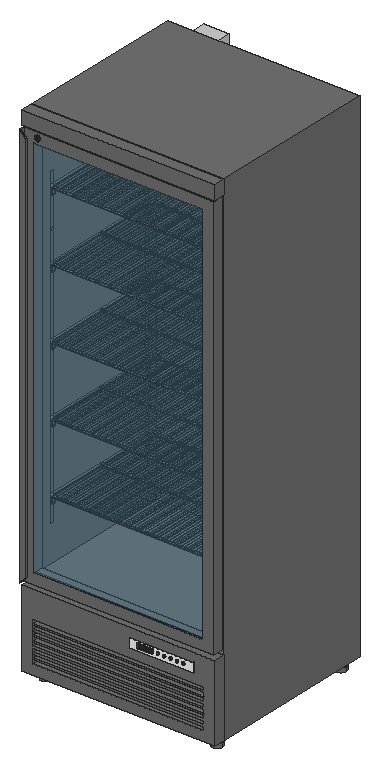
Revit family "QF_BLIZZARD_BMC1_250923014609", category Specialty Equipment, Revit 2021
Family settings
  Round Connector Dimension = Use Diameter
  Part Type = Normal
  OmniClass Number = 23.40.40.14
  OmniClass Title = Food Service Equipment
  Work Plane-Based = No
  Always vertical = Yes
  Cut with Voids When Loaded = No
  Shared = No
  Room Calculation Point = No
Parameters (values of type "BMC1")
  Weight [instance] = 141.00 kg
  Warranty Start Date [instance] = ""
  Warranty Duration [instance] = ""
  Volts [instance] = 230 V
  Volt Free Conn [instance] = no
  URL Recommended Spares List [instance] = ""
  URL Manufacturer [instance] = ""
  URL Cutsheet [instance] = ""
  URL Critical Spares List [instance] = ""
  URL = "www.blizzardequipment.com"
  Technical Documentation [instance] = ""
  Tag Number [instance] = ""
  Status [instance] = ""
  Start Up Current [instance] = 0 A
  Specification by User [instance] = ""
  Specification by Manufacturer [instance] = ""
  Sound Level [instance] = ""
  Show Logo [instance] = yes
  Show Clearances [instance] = yes
  Service Life Duration [instance] = ""
  Serial Number [instance] = ""
  Seismic Rating [instance] = ""
  SMACNA No [instance] = ""
  Revision Code [instance] = ""
  Revision [instance] = ""
  Production Year [instance] = ""
  Potential Equalisation [instance] = no
  Point Load [instance] = 0
  Phase [instance] = 1
  Other Equipment Approvals [instance] = ""
  Operational Current [instance] = 0 A
  Number of Poles [instance] = 2
  No Load Power Draw [instance] = no
  NAFEM Spec ID Number [instance] = ""
  Model Warning [instance] = ""
  Model = "BMC1"
  Min Ckt Ampacity [instance] = 0 A
  Max Overcurrent Protection [instance] = 13 A
  Masterspec [instance] = ""
  Manufacturer = "BLIZZARD"
  Main switch integrated [instance] = no
  Length Actual [instance] = 750 mm
  Item Number [instance] = ""
  Installed By [instance] = ""
  Installation Date [instance] = ""
  Identify Quantity as Lot [instance] = no
  ID [instance] = ""
  Hygiene Approval [instance] = ""
  Height Actual [instance] = 2003 mm
  HP power [instance] = ""
  Furnished By [instance] = ""
  Foodservice Equipment Identifier [instance] = no
  FL Amps [instance] = 0.93 A
  Electrical Remarks [instance] = ""
  Electric power [instance] = 220 W
  Electric Connection Type [instance] = ""
  Elec Conn RI Height [instance] = 0 mm
  Elec Conn Connection Height [instance] = 0 mm
  ETL Approved [instance] = no
  Description = "SINGLE HINGED GLASS DOOR DISPLAY CHILLER"
  Depth Actual [instance] = 710 mm
  Default Elevation = 0 mm
  Cycle [instance] = 50 Hz
  Cost = 1172
  Connection to energy optimisation system [instance] = yes
  Conn Plug [instance] = ""
  Conn Conduit [instance] = no
  Centralized building control system with digital interface [instance] = ""
  CSI MasterFormat [instance] = ""
  CE Approved [instance] = no
  Barcode [instance] = 0
  Author [instance] = ""
  Asset Identifier [instance] = ""
  Apparent Power [instance] = 220 VA
  Accessory [instance] = no
Reference planes
  plane 1 "Center (Front/Back)": y = 0
  plane 2: z = 0
  plane 3 "Center (Left/Right)": x = 0
Forms (mm)
  Extrusion 1, solid, not visible
    sketch origin (200.01, -2, 200.01) x (1, 0, 0) y (0, 1, 0)
      loop
        line (-2, 2) -> (-2, -2) -> (2, -2) -> (2, 2) -> (-2, 2)
    from -2 to 2
Dimensions and locks
  locked: Extrusion 1 to nested 2
  locked: nested 2 to Extrusion 1 at 2
  aligned and locked: level to plane 2
Nested families
  nested 1: "QF_BLIZZARD_BMC1_2920" at (0, 0, 0), type "BMC1"
    with Weight 141.00 kg, Warranty Start Date "", Warranty Duration "", URL Cutsheet "", Technical Documentation "", Tag Number "", Status "", Specification by User "", Specification by Manufacturer "", Sound Level "", Solid Fuel Type "", Show Logo yes, Show Clearances yes, Service Life Duration "", Serial Number "", Seismic Rating "", SMACNA No "", Revision Code "", Revision "", Production Year "", Point Load 0, Other Equipment Approvals "", NAFEM Spec ID Number "", Model Warning "", Masterspec "", Length Actual 750 mm, Item Number "", Installed By "", Installation Date "", Identify Quantity as Lot yes, ID "", Hygiene Approval "", Height Actual 2003 mm, Furnished By "", Foodservice Equipment Identifier yes, ETL Approved yes, Depth Actual 710 mm, CSI MasterFormat "", CE Approved yes, Barcode "", Asset Identifier "", Accessory no
  nested 2: "CONN_POINT_ELE_2D___Generic_Annotation" at (200.01, 0, 200.01), type "CONN_POINT_ELE_2D___Generic_Annotation"
    with Onboard connection annotation symbol visibility yes
Connectors
  electrical at (200.01, 0, 200.01), driven by "Apparent Power", driven by "Number of Poles", driven by "Volts"
    settings: on Extrusion 1, index 1, voltage 230 V, apparent load 0 VA, apparent load phase1 220 VA, apparent load phase2 0 VA, apparent load phase3 0 VA, power factor 1, load classification "Other", number of poles 2, system type 31, power factor state 1, is connector primary yes, connector utility no, sub classification motor no, connector description "Electrical connection for BMC1"
Definition of nested family "QF_BLIZZARD_BMC1_2920"
  Parameters (values of type "BMC1")
    Weight [instance] = 0.00 kg
    Warranty Start Date [instance] = ""
    Warranty Duration [instance] = ""
    URL Cutsheet [instance] = ""
    URL = "www.blizzardequipment.com"
    Technical Documentation [instance] = ""
    Tag Number [instance] = ""
    Status [instance] = ""
    Specification by User [instance] = ""
    Specification by Manufacturer [instance] = ""
    Sound Level [instance] = ""
    Solid Fuel Type [instance] = ""
    Show Logo [instance] = yes
    Show Clearances [instance] = yes
    Service Life Duration [instance] = ""
    Serial Number [instance] = ""
    Seismic Rating [instance] = ""
    SMACNA No [instance] = ""
    Revision Code [instance] = ""
    Revision [instance] = ""
    Production Year [instance] = ""
    Point Load [instance] = 0
    Other Equipment Approvals [instance] = ""
    NAFEM Spec ID Number [instance] = ""
    Model Warning [instance] = ""
    Model = "BMC1"
    Masterspec [instance] = ""
    Manufacturer = "BLIZZARD"
    Length Actual [instance] = 0 mm
    Item Number [instance] = ""
    Installed By [instance] = ""
    Installation Date [instance] = ""
    Identify Quantity as Lot [instance] = yes
    ID [instance] = ""
    Hygiene Approval [instance] = ""
    Height Actual [instance] = 0 mm
    Furnished By [instance] = ""
    Foodservice Equipment Identifier [instance] = yes
    ETL Approved [instance] = yes
    Description = "SINGLE HINGED GLASS DOOR DISPLAY CHILLER"
    Depth Actual [instance] = 0 mm
    Default Elevation = 0 mm
    CSI MasterFormat [instance] = ""
    CE Approved [instance] = yes
    Barcode [instance] = ""
    Author = "SPECIFI"
    Asset Identifier [instance] = ""
    Assembly Code = "E1090320"
    Accessory [instance] = yes
  Reference planes
    plane 1 "Back": y = 0
    plane 2: z = 0
    plane 3 "Left": x = 0
    plane 4 "Right": x = 750
    plane 5 "Front": y = -710
    plane 6 "Top": z = 2003
  Forms (mm)
    Extrusion 1, solid
      sketch origin (0, 60, 10) x (1, 0, 0) y (0, 0, 1)
        loop
          line (0, 1993) -> (0, 29) -> (750, 29) -> (750, 1993) -> (0, 1993)
        loop
          line (35, 1953) -> (35, 376) -> (715, 376) -> (715, 1953) -> (35, 1953)
      from 60 to 725
    Extrusion 2, solid
      sketch origin (0, 0, 1147.5) x (0, 1, 0) y (0, 0, 1)
        loop
          line (-665, 855.5) -> (-710, 855.5) -> (-710, 800) -> (-665, 800) -> (-665, 855.5)
      from 0 to 750
    Revolve 3, solid
      sketch origin (0, -40, 0) x (1, 0, 0) y (0, 0, -1)
        loop
          line (50, -39) -> (50, -15) -> (60, -15) -> (60, 0) -> (40, 0) -> (40, -39) -> (50, -39)
        axis (40, 0) -> (40, -39)
      angle from 0 to 360
    Revolve 4, solid
      sketch origin (60, -70, 1118) x (0, 1, 0) y (0, 0, 1)
        loop
          line (-640, 812.281) -> (-640, 815) -> (-641, 815) -> (-642.268, 812.281) -> (-640, 812.281)
        axis (-640, 805) -> (-642.268, 805)
      angle from 0 to 360
    Extrusion 5, solid
      sketch origin (60, -710, 1118) x (1, 0, 0) y (0, 0, 1)
        loop
          circle (0, 805) r 7.281
      from 0 to 2.268
    Extrusion 6, solid
      sketch origin (-309.781, -710.768, 1118) x (1, 0, 0) y (0, 0, 1)
        loop
          line (368.781, 810.281) -> (368.781, 803.281) -> (370.781, 803.281) -> (370.781, 810.281) -> (368.781, 810.281)
      from 0.232 to 2
    Extrusion 7, solid
      sketch origin (0, -680, 1063) x (1, 0, 0) y (0, 0, 1)
        loop
          line (4, 880) -> (4, -707) -> (746, -707) -> (746, 880) -> (4, 880)
        loop
          line (706, -667) -> (706, 840) -> (44, 840) -> (44, -667) -> (706, -667)
      from -10 to 30
    Extrusion 8, solid
      sketch origin (0, 0, 0) x (1, 0, 0) y (0, 0, 1)
        loop
          line (35, 1963) -> (35, 386) -> (715, 386) -> (715, 1963) -> (35, 1963)
      from 0 to 100
    Extrusion 9, solid
      sketch origin (305, -670, 0) x (1, 0, 0) y (0, 0, 1)
        loop
          line (-305, 339) -> (-305, 39) -> (445, 39) -> (445, 339) -> (-305, 339)
        loop
          line (-265, 79) -> (405, 79) -> (405, 94) -> (-265, 94) -> (-265, 79)
        loop
          line (-265, 99) -> (405, 99) -> (405, 114) -> (-265, 114) -> (-265, 99)
        loop
          line (-265, 119) -> (405, 119) -> (405, 134) -> (-265, 134) -> (-265, 119)
        loop
          line (-265, 139) -> (405, 139) -> (405, 154) -> (-265, 154) -> (-265, 139)
        loop
          line (-265, 159) -> (405, 159) -> (405, 174) -> (-265, 174) -> (-265, 159)
        loop
          line (-265, 179) -> (405, 179) -> (405, 194) -> (-265, 194) -> (-265, 179)
        loop
          line (-265, 199) -> (405, 199) -> (405, 214) -> (-265, 214) -> (-265, 199)
        loop
          line (-265, 219) -> (405, 219) -> (405, 234) -> (-265, 234) -> (-265, 219)
      from -5 to 40
    Extrusion 10, solid
      sketch origin (40, -670, 673) x (1, 0, 0) y (0, 0, 1)
        loop
          line (-21, -302) -> (691, -302) -> (691, 1255) -> (-21, 1255) -> (-21, -302)
        loop
          line (-11, -292) -> (681, -292) -> (681, 1245) -> (-11, 1245) -> (-11, -292)
      from -5 to 0
    Extrusion 11, solid
      sketch origin (490, -702, 1063) x (-1, 0, 0) y (0, 0, -1)
        loop
          line (-216, -840) -> (446, -840) -> (446, 667) -> (-216, 667) -> (-216, -840)
      from 0 to 5
    Extrusion 12, solid
      sketch origin (35, -688.633, 200) x (0, -1, 0) y (0, 0, -1)
        loop
          line (-70, -1362) -> (-70, -330) -> (-80, -330) -> (-80, -1362) -> (-70, -1362)
        loop
          line (-77, -336.989) -> (-77, -340.989) -> (-73, -340.989) -> (-73, -336.989) -> (-77, -336.989)
        loop
          line (-77, -351.989) -> (-77, -355.989) -> (-73, -355.989) -> (-73, -351.989) -> (-77, -351.989)
        loop
          line (-77, -366.989) -> (-77, -370.989) -> (-73, -370.989) -> (-73, -366.989) -> (-77, -366.989)
        loop
          line (-77, -381.989) -> (-77, -385.989) -> (-73, -385.989) -> (-73, -381.989) -> (-77, -381.989)
        loop
          line (-77, -396.989) -> (-77, -400.989) -> (-73, -400.989) -> (-73, -396.989) -> (-77, -396.989)
        loop
          line (-77, -411.989) -> (-77, -415.989) -> (-73, -415.989) -> (-73, -411.989) -> (-77, -411.989)
        loop
          line (-77, -426.989) -> (-77, -430.989) -> (-73, -430.989) -> (-73, -426.989) -> (-77, -426.989)
        loop
          line (-77, -441.989) -> (-77, -445.989) -> (-73, -445.989) -> (-73, -441.989) -> (-77, -441.989)
        loop
          line (-77, -456.989) -> (-77, -460.989) -> (-73, -460.989) -> (-73, -456.989) -> (-77, -456.989)
        loop
          line (-77, -471.989) -> (-77, -475.989) -> (-73, -475.989) -> (-73, -471.989) -> (-77, -471.989)
        loop
          line (-77, -486.989) -> (-77, -490.989) -> (-73, -490.989) -> (-73, -486.989) -> (-77, -486.989)
        loop
          line (-77, -501.989) -> (-77, -505.989) -> (-73, -505.989) -> (-73, -501.989) -> (-77, -501.989)
        loop
          line (-77, -516.989) -> (-77, -520.989) -> (-73, -520.989) -> (-73, -516.989) -> (-77, -516.989)
        loop
          line (-77, -531.989) -> (-77, -535.989) -> (-73, -535.989) -> (-73, -531.989) -> (-77, -531.989)
        loop
          line (-77, -546.989) -> (-77, -550.989) -> (-73, -550.989) -> (-73, -546.989) -> (-77, -546.989)
        loop
          line (-77, -561.989) -> (-77, -565.989) -> (-73, -565.989) -> (-73, -561.989) -> (-77, -561.989)
        loop
          line (-77, -576.989) -> (-77, -580.989) -> (-73, -580.989) -> (-73, -576.989) -> (-77, -576.989)
        loop
          line (-77, -591.989) -> (-77, -595.989) -> (-73, -595.989) -> (-73, -591.989) -> (-77, -591.989)
        loop
          line (-77, -606.989) -> (-77, -610.989) -> (-73, -610.989) -> (-73, -606.989) -> (-77, -606.989)
        loop
          line (-77, -621.989) -> (-77, -625.989) -> (-73, -625.989) -> (-73, -621.989) -> (-77, -621.989)
        loop
          line (-77, -636.989) -> (-77, -640.989) -> (-73, -640.989) -> (-73, -636.989) -> (-77, -636.989)
        loop
          line (-77, -651.989) -> (-77, -655.989) -> (-73, -655.989) -> (-73, -651.989) -> (-77, -651.989)
        loop
          line (-77, -666.989) -> (-77, -670.989) -> (-73, -670.989) -> (-73, -666.989) -> (-77, -666.989)
        loop
          line (-77, -681.989) -> (-77, -685.989) -> (-73, -685.989) -> (-73, -681.989) -> (-77, -681.989)
        loop
          line (-77, -696.989) -> (-77, -700.989) -> (-73, -700.989) -> (-73, -696.989) -> (-77, -696.989)
        loop
          line (-77, -711.989) -> (-77, -715.989) -> (-73, -715.989) -> (-73, -711.989) -> (-77, -711.989)
        loop
          line (-77, -726.989) -> (-77, -730.989) -> (-73, -730.989) -> (-73, -726.989) -> (-77, -726.989)
        loop
          line (-77, -741.989) -> (-77, -745.989) -> (-73, -745.989) -> (-73, -741.989) -> (-77, -741.989)
        loop
          line (-77, -756.989) -> (-77, -760.989) -> (-73, -760.989) -> (-73, -756.989) -> (-77, -756.989)
        loop
          line (-77, -771.989) -> (-77, -775.989) -> (-73, -775.989) -> (-73, -771.989) -> (-77, -771.989)
        loop
          line (-77, -786.989) -> (-77, -790.989) -> (-73, -790.989) -> (-73, -786.989) -> (-77, -786.989)
        loop
          line (-77, -801.989) -> (-77, -805.989) -> (-73, -805.989) -> (-73, -801.989) -> (-77, -801.989)
        loop
          line (-77, -816.989) -> (-77, -820.989) -> (-73, -820.989) -> (-73, -816.989) -> (-77, -816.989)
        loop
          line (-77, -831.989) -> (-77, -835.989) -> (-73, -835.989) -> (-73, -831.989) -> (-77, -831.989)
        loop
          line (-77, -846.989) -> (-77, -850.989) -> (-73, -850.989) -> (-73, -846.989) -> (-77, -846.989)
        loop
          line (-77, -861.989) -> (-77, -865.989) -> (-73, -865.989) -> (-73, -861.989) -> (-77, -861.989)
        loop
          line (-77, -876.989) -> (-77, -880.989) -> (-73, -880.989) -> (-73, -876.989) -> (-77, -876.989)
        loop
          line (-77, -891.989) -> (-77, -895.989) -> (-73, -895.989) -> (-73, -891.989) -> (-77, -891.989)
        loop
          line (-77, -906.989) -> (-77, -910.989) -> (-73, -910.989) -> (-73, -906.989) -> (-77, -906.989)
        loop
          line (-77, -921.989) -> (-77, -925.989) -> (-73, -925.989) -> (-73, -921.989) -> (-77, -921.989)
        loop
          line (-77, -936.989) -> (-77, -940.989) -> (-73, -940.989) -> (-73, -936.989) -> (-77, -936.989)
        loop
          line (-77, -951.989) -> (-77, -955.989) -> (-73, -955.989) -> (-73, -951.989) -> (-77, -951.989)
        loop
          line (-77, -966.989) -> (-77, -970.989) -> (-73, -970.989) -> (-73, -966.989) -> (-77, -966.989)
        loop
          line (-77, -981.989) -> (-77, -985.989) -> (-73, -985.989) -> (-73, -981.989) -> (-77, -981.989)
        loop
          line (-77, -996.989) -> (-77, -1000.989) -> (-73, -1000.989) -> (-73, -996.989) -> (-77, -996.989)
        loop
          line (-77, -1011.989) -> (-77, -1015.989) -> (-73, -1015.989) -> (-73, -1011.989) -> (-77, -1011.989)
        loop
          line (-77, -1026.989) -> (-77, -1030.989) -> (-73, -1030.989) -> (-73, -1026.989) -> (-77, -1026.989)
        loop
          line (-77, -1041.989) -> (-77, -1045.989) -> (-73, -1045.989) -> (-73, -1041.989) -> (-77, -1041.989)
        loop
          line (-77, -1056.989) -> (-77, -1060.989) -> (-73, -1060.989) -> (-73, -1056.989) -> (-77, -1056.989)
        loop
          line (-77, -1071.989) -> (-77, -1075.989) -> (-73, -1075.989) -> (-73, -1071.989) -> (-77, -1071.989)
        loop
          line (-77, -1086.989) -> (-77, -1090.989) -> (-73, -1090.989) -> (-73, -1086.989) -> (-77, -1086.989)
        loop
          line (-77, -1101.989) -> (-77, -1105.989) -> (-73, -1105.989) -> (-73, -1101.989) -> (-77, -1101.989)
        loop
          line (-77, -1116.989) -> (-77, -1120.989) -> (-73, -1120.989) -> (-73, -1116.989) -> (-77, -1116.989)
        loop
          line (-77, -1131.989) -> (-77, -1135.989) -> (-73, -1135.989) -> (-73, -1131.989) -> (-77, -1131.989)
        loop
          line (-77, -1146.989) -> (-77, -1150.989) -> (-73, -1150.989) -> (-73, -1146.989) -> (-77, -1146.989)
        loop
          line (-77, -1161.989) -> (-77, -1165.989) -> (-73, -1165.989) -> (-73, -1161.989) -> (-77, -1161.989)
        loop
          line (-77, -1176.989) -> (-77, -1180.989) -> (-73, -1180.989) -> (-73, -1176.989) -> (-77, -1176.989)
        loop
          line (-77, -1191.989) -> (-77, -1195.989) -> (-73, -1195.989) -> (-73, -1191.989) -> (-77, -1191.989)
        loop
          line (-77, -1206.989) -> (-77, -1210.989) -> (-73, -1210.989) -> (-73, -1206.989) -> (-77, -1206.989)
        loop
          line (-77, -1221.989) -> (-77, -1225.989) -> (-73, -1225.989) -> (-73, -1221.989) -> (-77, -1221.989)
        loop
          line (-77, -1236.989) -> (-77, -1240.989) -> (-73, -1240.989) -> (-73, -1236.989) -> (-77, -1236.989)
        loop
          line (-77, -1251.989) -> (-77, -1255.989) -> (-73, -1255.989) -> (-73, -1251.989) -> (-77, -1251.989)
        loop
          line (-77, -1266.989) -> (-77, -1270.989) -> (-73, -1270.989) -> (-73, -1266.989) -> (-77, -1266.989)
        loop
          line (-77, -1281.989) -> (-77, -1285.989) -> (-73, -1285.989) -> (-73, -1281.989) -> (-77, -1281.989)
        loop
          line (-77, -1296.989) -> (-77, -1300.989) -> (-73, -1300.989) -> (-73, -1296.989) -> (-77, -1296.989)
        loop
          line (-77, -1311.989) -> (-77, -1315.989) -> (-73, -1315.989) -> (-73, -1311.989) -> (-77, -1311.989)
        loop
          line (-77, -1326.989) -> (-77, -1330.989) -> (-73, -1330.989) -> (-73, -1326.989) -> (-77, -1326.989)
        loop
          line (-77, -1341.989) -> (-77, -1345.989) -> (-73, -1345.989) -> (-73, -1341.989) -> (-77, -1341.989)
      from 0 to 5
    Sweep 13, solid
      path origin (47.141, -189.803, 1713.371) x (1, 0, 0) y (0, 1, 0)
        loop
          arc (9.859, 55.803) -> (1.373, 52.288) -> (-2.141, 43.803) r 12
          line (-2.141, 43.803) -> (-2.141, -428.83)
          arc (-2.141, -428.83) -> (1.373, -437.316) -> (9.859, -440.83) r 12
          line (9.859, -440.83) -> (645.859, -440.83)
          arc (645.859, -440.83) -> (654.344, -437.316) -> (657.859, -428.83) r 12
          line (657.859, -428.83) -> (657.859, 43.803)
          arc (657.859, 43.803) -> (654.344, 52.288) -> (645.859, 55.803) r 12
          line (645.859, 55.803) -> (9.859, 55.803)
      profile origin (375, -134, 1713.371) x (0, 1, 0) y (0, 0, 1)
        loop
          circle (0, 0) r 3.5
    Extrusion 14, solid
      sketch origin (45, -189.803, 1713.371) x (1, 0, 0) y (0, 0, 1)
        loop
          circle (13.5, 4.5) r 1
        loop
          circle (26, 4.5) r 1
        loop
          circle (38.5, 4.5) r 1
        loop
          circle (51, 4.5) r 1
        loop
          circle (63.5, 4.5) r 1
        loop
          circle (76, 4.5) r 1
        loop
          circle (88.5, 4.5) r 1
        loop
          circle (101, 4.5) r 1
        loop
          circle (113.5, 4.5) r 1
        loop
          circle (126, 4.5) r 1
        loop
          circle (138.5, 4.5) r 1
        loop
          circle (151, 4.5) r 1
        loop
          circle (163.5, 4.5) r 1
        loop
          circle (176, 4.5) r 1
        loop
          circle (188.5, 4.5) r 1
        loop
          circle (201, 4.5) r 1
        loop
          circle (213.5, 4.5) r 1
        loop
          circle (226, 4.5) r 1
        loop
          circle (238.5, 4.5) r 1
        loop
          circle (251, 4.5) r 1
        loop
          circle (263.5, 4.5) r 1
        loop
          circle (276, 4.5) r 1
        loop
          circle (288.5, 4.5) r 1
        loop
          circle (301, 4.5) r 1
        loop
          circle (313.5, 4.5) r 1
        loop
          circle (326, 4.5) r 1
        loop
          circle (338.5, 4.5) r 1
        loop
          circle (351, 4.5) r 1
        loop
          circle (363.5, 4.5) r 1
        loop
          circle (376, 4.5) r 1
        loop
          circle (388.5, 4.5) r 1
        loop
          circle (401, 4.5) r 1
        loop
          circle (413.5, 4.5) r 1
        loop
          circle (426, 4.5) r 1
        loop
          circle (438.5, 4.5) r 1
        loop
          circle (451, 4.5) r 1
        loop
          circle (463.5, 4.5) r 1
        loop
          circle (476, 4.5) r 1
        loop
          circle (488.5, 4.5) r 1
        loop
          circle (501, 4.5) r 1
        loop
          circle (513.5, 4.5) r 1
        loop
          circle (526, 4.5) r 1
        loop
          circle (538.5, 4.5) r 1
        loop
          circle (551, 4.5) r 1
        loop
          circle (563.5, 4.5) r 1
        loop
          circle (576, 4.5) r 1
        loop
          circle (588.5, 4.5) r 1
        loop
          circle (601, 4.5) r 1
        loop
          circle (613.5, 4.5) r 1
        loop
          circle (626, 4.5) r 1
        loop
          circle (638.5, 4.5) r 1
        loop
          circle (651, 4.5) r 1
      from -55.803 to 440.197
    Extrusion 15, solid
      sketch origin (45, -170.816, 1713.371) x (0, 1, 0) y (0, 0, 1)
        loop
          circle (-211.5, 0) r 3.5
      from 0 to 660
    Extrusion 16, solid
      sketch origin (1653.773, -1414.75, 866.919) x (1, 0, 0) y (0, 0, 1)
        loop
          line (-1608.773, 812.071) -> (-1593.825, 844.071) -> (-1608.773, 844.071) -> (-1608.773, 812.071)
      from -1264.75 to -1262.75
    Extrusion 17, solid
      sketch origin (40, -538.633, 1105.383) x (0, -1, 0) y (0, 0, -1)
        loop
          line (-382.633, -605.606) -> (-382.633, -573.606) -> (-392.633, -573.606) -> (-392.633, -605.606) -> (-382.633, -605.606)
      from 0 to 5
    Extrusion 18, solid
      sketch origin (1653.773, 650.117, 866.919) x (1, 0, 0) y (0, 0, -1)
        loop
          line (-1608.773, -812.071) -> (-1608.773, -844.071) -> (-1593.825, -844.071) -> (-1608.773, -812.071)
      from -1264.75 to -1262.75
    Extrusion 19, solid
      sketch origin (40, -226, 1105.383) x (0, 1, 0) y (0, 0, 1)
        loop
          line (-382.633, 605.606) -> (-392.633, 605.606) -> (-392.633, 573.606) -> (-382.633, 573.606) -> (-382.633, 605.606)
      from 0 to 5
    Extrusion 20, solid
      sketch origin (-903.773, -1414.75, 866.919) x (-1, 0, 0) y (0, 0, -1)
        loop
          line (-1608.773, -812.071) -> (-1608.773, -844.071) -> (-1593.825, -844.071) -> (-1608.773, -812.071)
      from -1264.75 to -1262.75
    Extrusion 21, solid
      sketch origin (710, -538.633, 1105.383) x (0, -1, 0) y (0, 0, 1)
        loop
          line (-382.633, 605.606) -> (-392.633, 605.606) -> (-392.633, 573.606) -> (-382.633, 573.606) -> (-382.633, 605.606)
      from 0 to 5
    Extrusion 22, solid
      sketch origin (-903.773, 650.117, 866.919) x (-1, 0, 0) y (0, 0, 1)
        loop
          line (-1608.773, 812.071) -> (-1593.825, 844.071) -> (-1608.773, 844.071) -> (-1608.773, 812.071)
      from -1264.75 to -1262.75
    Extrusion 23, solid
      sketch origin (710, -226, 1105.383) x (0, 1, 0) y (0, 0, -1)
        loop
          line (-382.633, -605.606) -> (-382.633, -573.606) -> (-392.633, -573.606) -> (-392.633, -605.606) -> (-382.633, -605.606)
      from 0 to 5
    Extrusion 24, solid
      sketch origin (35, -226, 200) x (0, -1, 0) y (0, 0, -1)
        loop
          line (-70, -1562) -> (-70, -330) -> (-80, -330) -> (-80, -1562) -> (-70, -1562)
        loop
          line (-77, -336.989) -> (-77, -340.989) -> (-73, -340.989) -> (-73, -336.989) -> (-77, -336.989)
        loop
          line (-77, -351.989) -> (-77, -355.989) -> (-73, -355.989) -> (-73, -351.989) -> (-77, -351.989)
        loop
          line (-77, -366.989) -> (-77, -370.989) -> (-73, -370.989) -> (-73, -366.989) -> (-77, -366.989)
        loop
          line (-77, -381.989) -> (-77, -385.989) -> (-73, -385.989) -> (-73, -381.989) -> (-77, -381.989)
        loop
          line (-77, -396.989) -> (-77, -400.989) -> (-73, -400.989) -> (-73, -396.989) -> (-77, -396.989)
        loop
          line (-77, -411.989) -> (-77, -415.989) -> (-73, -415.989) -> (-73, -411.989) -> (-77, -411.989)
        loop
          line (-77, -426.989) -> (-77, -430.989) -> (-73, -430.989) -> (-73, -426.989) -> (-77, -426.989)
        loop
          line (-77, -441.989) -> (-77, -445.989) -> (-73, -445.989) -> (-73, -441.989) -> (-77, -441.989)
        loop
          line (-77, -456.989) -> (-77, -460.989) -> (-73, -460.989) -> (-73, -456.989) -> (-77, -456.989)
        loop
          line (-77, -471.989) -> (-77, -475.989) -> (-73, -475.989) -> (-73, -471.989) -> (-77, -471.989)
        loop
          line (-77, -486.989) -> (-77, -490.989) -> (-73, -490.989) -> (-73, -486.989) -> (-77, -486.989)
        loop
          line (-77, -501.989) -> (-77, -505.989) -> (-73, -505.989) -> (-73, -501.989) -> (-77, -501.989)
        loop
          line (-77, -516.989) -> (-77, -520.989) -> (-73, -520.989) -> (-73, -516.989) -> (-77, -516.989)
        loop
          line (-77, -531.989) -> (-77, -535.989) -> (-73, -535.989) -> (-73, -531.989) -> (-77, -531.989)
        loop
          line (-77, -546.989) -> (-77, -550.989) -> (-73, -550.989) -> (-73, -546.989) -> (-77, -546.989)
        loop
          line (-77, -561.989) -> (-77, -565.989) -> (-73, -565.989) -> (-73, -561.989) -> (-77, -561.989)
        loop
          line (-77, -576.989) -> (-77, -580.989) -> (-73, -580.989) -> (-73, -576.989) -> (-77, -576.989)
        loop
          line (-77, -591.989) -> (-77, -595.989) -> (-73, -595.989) -> (-73, -591.989) -> (-77, -591.989)
        loop
          line (-77, -606.989) -> (-77, -610.989) -> (-73, -610.989) -> (-73, -606.989) -> (-77, -606.989)
        loop
          line (-77, -621.989) -> (-77, -625.989) -> (-73, -625.989) -> (-73, -621.989) -> (-77, -621.989)
        loop
          line (-77, -636.989) -> (-77, -640.989) -> (-73, -640.989) -> (-73, -636.989) -> (-77, -636.989)
        loop
          line (-77, -651.989) -> (-77, -655.989) -> (-73, -655.989) -> (-73, -651.989) -> (-77, -651.989)
        loop
          line (-77, -666.989) -> (-77, -670.989) -> (-73, -670.989) -> (-73, -666.989) -> (-77, -666.989)
        loop
          line (-77, -681.989) -> (-77, -685.989) -> (-73, -685.989) -> (-73, -681.989) -> (-77, -681.989)
        loop
          line (-77, -696.989) -> (-77, -700.989) -> (-73, -700.989) -> (-73, -696.989) -> (-77, -696.989)
        loop
          line (-77, -711.989) -> (-77, -715.989) -> (-73, -715.989) -> (-73, -711.989) -> (-77, -711.989)
        loop
          line (-77, -726.989) -> (-77, -730.989) -> (-73, -730.989) -> (-73, -726.989) -> (-77, -726.989)
        loop
          line (-77, -741.989) -> (-77, -745.989) -> (-73, -745.989) -> (-73, -741.989) -> (-77, -741.989)
        loop
          line (-77, -756.989) -> (-77, -760.989) -> (-73, -760.989) -> (-73, -756.989) -> (-77, -756.989)
        loop
          line (-77, -771.989) -> (-77, -775.989) -> (-73, -775.989) -> (-73, -771.989) -> (-77, -771.989)
        loop
          line (-77, -786.989) -> (-77, -790.989) -> (-73, -790.989) -> (-73, -786.989) -> (-77, -786.989)
        loop
          line (-77, -801.989) -> (-77, -805.989) -> (-73, -805.989) -> (-73, -801.989) -> (-77, -801.989)
        loop
          line (-77, -816.989) -> (-77, -820.989) -> (-73, -820.989) -> (-73, -816.989) -> (-77, -816.989)
        loop
          line (-77, -831.989) -> (-77, -835.989) -> (-73, -835.989) -> (-73, -831.989) -> (-77, -831.989)
        loop
          line (-77, -846.989) -> (-77, -850.989) -> (-73, -850.989) -> (-73, -846.989) -> (-77, -846.989)
        loop
          line (-77, -861.989) -> (-77, -865.989) -> (-73, -865.989) -> (-73, -861.989) -> (-77, -861.989)
        loop
          line (-77, -876.989) -> (-77, -880.989) -> (-73, -880.989) -> (-73, -876.989) -> (-77, -876.989)
        loop
          line (-77, -891.989) -> (-77, -895.989) -> (-73, -895.989) -> (-73, -891.989) -> (-77, -891.989)
        loop
          line (-77, -906.989) -> (-77, -910.989) -> (-73, -910.989) -> (-73, -906.989) -> (-77, -906.989)
        loop
          line (-77, -921.989) -> (-77, -925.989) -> (-73, -925.989) -> (-73, -921.989) -> (-77, -921.989)
        loop
          line (-77, -936.989) -> (-77, -940.989) -> (-73, -940.989) -> (-73, -936.989) -> (-77, -936.989)
        loop
          line (-77, -951.989) -> (-77, -955.989) -> (-73, -955.989) -> (-73, -951.989) -> (-77, -951.989)
        loop
          line (-77, -966.989) -> (-77, -970.989) -> (-73, -970.989) -> (-73, -966.989) -> (-77, -966.989)
        loop
          line (-77, -981.989) -> (-77, -985.989) -> (-73, -985.989) -> (-73, -981.989) -> (-77, -981.989)
        loop
          line (-77, -996.989) -> (-77, -1000.989) -> (-73, -1000.989) -> (-73, -996.989) -> (-77, -996.989)
        loop
          line (-77, -1011.989) -> (-77, -1015.989) -> (-73, -1015.989) -> (-73, -1011.989) -> (-77, -1011.989)
        loop
          line (-77, -1026.989) -> (-77, -1030.989) -> (-73, -1030.989) -> (-73, -1026.989) -> (-77, -1026.989)
        loop
          line (-77, -1041.989) -> (-77, -1045.989) -> (-73, -1045.989) -> (-73, -1041.989) -> (-77, -1041.989)
        loop
          line (-77, -1056.989) -> (-77, -1060.989) -> (-73, -1060.989) -> (-73, -1056.989) -> (-77, -1056.989)
        loop
          line (-77, -1071.989) -> (-77, -1075.989) -> (-73, -1075.989) -> (-73, -1071.989) -> (-77, -1071.989)
        loop
          line (-77, -1086.989) -> (-77, -1090.989) -> (-73, -1090.989) -> (-73, -1086.989) -> (-77, -1086.989)
        loop
          line (-77, -1101.989) -> (-77, -1105.989) -> (-73, -1105.989) -> (-73, -1101.989) -> (-77, -1101.989)
        loop
          line (-77, -1116.989) -> (-77, -1120.989) -> (-73, -1120.989) -> (-73, -1116.989) -> (-77, -1116.989)
        loop
          line (-77, -1131.989) -> (-77, -1135.989) -> (-73, -1135.989) -> (-73, -1131.989) -> (-77, -1131.989)
        loop
          line (-77, -1146.989) -> (-77, -1150.989) -> (-73, -1150.989) -> (-73, -1146.989) -> (-77, -1146.989)
        loop
          line (-77, -1161.989) -> (-77, -1165.989) -> (-73, -1165.989) -> (-73, -1161.989) -> (-77, -1161.989)
        loop
          line (-77, -1176.989) -> (-77, -1180.989) -> (-73, -1180.989) -> (-73, -1176.989) -> (-77, -1176.989)
        loop
          line (-77, -1191.989) -> (-77, -1195.989) -> (-73, -1195.989) -> (-73, -1191.989) -> (-77, -1191.989)
        loop
          line (-77, -1206.989) -> (-77, -1210.989) -> (-73, -1210.989) -> (-73, -1206.989) -> (-77, -1206.989)
        loop
          line (-77, -1221.989) -> (-77, -1225.989) -> (-73, -1225.989) -> (-73, -1221.989) -> (-77, -1221.989)
        loop
          line (-77, -1236.989) -> (-77, -1240.989) -> (-73, -1240.989) -> (-73, -1236.989) -> (-77, -1236.989)
        loop
          line (-77, -1251.989) -> (-77, -1255.989) -> (-73, -1255.989) -> (-73, -1251.989) -> (-77, -1251.989)
        loop
          line (-77, -1266.989) -> (-77, -1270.989) -> (-73, -1270.989) -> (-73, -1266.989) -> (-77, -1266.989)
        loop
          line (-77, -1281.989) -> (-77, -1285.989) -> (-73, -1285.989) -> (-73, -1281.989) -> (-77, -1281.989)
        loop
          line (-77, -1296.989) -> (-77, -1300.989) -> (-73, -1300.989) -> (-73, -1296.989) -> (-77, -1296.989)
        loop
          line (-77, -1311.989) -> (-77, -1315.989) -> (-73, -1315.989) -> (-73, -1311.989) -> (-77, -1311.989)
        loop
          line (-77, -1326.989) -> (-77, -1330.989) -> (-73, -1330.989) -> (-73, -1326.989) -> (-77, -1326.989)
        loop
          line (-77, -1341.989) -> (-77, -1345.989) -> (-73, -1345.989) -> (-73, -1341.989) -> (-77, -1341.989)
        loop
          line (-77, -1356.989) -> (-77, -1360.989) -> (-73, -1360.989) -> (-73, -1356.989) -> (-77, -1356.989)
        loop
          line (-77, -1371.989) -> (-77, -1375.989) -> (-73, -1375.989) -> (-73, -1371.989) -> (-77, -1371.989)
        loop
          line (-77, -1386.989) -> (-77, -1390.989) -> (-73, -1390.989) -> (-73, -1386.989) -> (-77, -1386.989)
        loop
          line (-77, -1401.989) -> (-77, -1405.989) -> (-73, -1405.989) -> (-73, -1401.989) -> (-77, -1401.989)
        loop
          line (-77, -1416.989) -> (-77, -1420.989) -> (-73, -1420.989) -> (-73, -1416.989) -> (-77, -1416.989)
        loop
          line (-77, -1431.989) -> (-77, -1435.989) -> (-73, -1435.989) -> (-73, -1431.989) -> (-77, -1431.989)
        loop
          line (-77, -1446.989) -> (-77, -1450.989) -> (-73, -1450.989) -> (-73, -1446.989) -> (-77, -1446.989)
        loop
          line (-77, -1461.989) -> (-77, -1465.989) -> (-73, -1465.989) -> (-73, -1461.989) -> (-77, -1461.989)
        loop
          line (-77, -1476.989) -> (-77, -1480.989) -> (-73, -1480.989) -> (-73, -1476.989) -> (-77, -1476.989)
        loop
          line (-77, -1491.989) -> (-77, -1495.989) -> (-73, -1495.989) -> (-73, -1491.989) -> (-77, -1491.989)
        loop
          line (-77, -1506.989) -> (-77, -1510.989) -> (-73, -1510.989) -> (-73, -1506.989) -> (-77, -1506.989)
        loop
          line (-77, -1521.989) -> (-77, -1525.989) -> (-73, -1525.989) -> (-73, -1521.989) -> (-77, -1521.989)
        loop
          line (-77, -1536.989) -> (-77, -1540.989) -> (-73, -1540.989) -> (-73, -1536.989) -> (-77, -1536.989)
        loop
          line (-77, -1551.989) -> (-77, -1555.989) -> (-73, -1555.989) -> (-73, -1551.989) -> (-77, -1551.989)
      from 0 to 5
    Extrusion 25, solid
      sketch origin (294.101, -710, 194) x (1, 0, 0) y (0, 0, 1)
        loop
          line (125.899, 110) -> (125.899, 75) -> (375.899, 75) -> (375.899, 110) -> (125.899, 110)
      from -1 to 1
    Extrusion 26, solid
      sketch origin (255.166, -710.5, 246.5) x (1, 0, 0) y (0, 0, 1)
        loop
          arc (197.834, 50) -> (195.712, 49.121) -> (194.834, 47) r 3
          line (194.834, 47) -> (194.834, 33)
          arc (194.834, 33) -> (195.712, 30.879) -> (197.834, 30) r 3
          line (197.834, 30) -> (251.834, 30)
          arc (251.834, 30) -> (253.955, 30.879) -> (254.834, 33) r 3
          line (254.834, 33) -> (254.834, 47)
          arc (254.834, 47) -> (253.955, 49.121) -> (251.834, 50) r 3
          line (251.834, 50) -> (197.834, 50)
      from -1 to 1
    Extrusion 27, solid, visible <- "Show Clearances", detail levels coarse
      sketch origin (351, -190, 254) x (-1, 0, 0) y (0, -1, 0)
        loop
          line (-395, 520) -> (347, 520)
          arc (347, 520) -> (129.673, 1044.673) -> (-395, 1262) r 742
          line (-395, 1262) -> (-395, 520)
      from 102 to 1689
    Extrusion 28, solid
      sketch origin (35, -688.633, 200) x (0, -1, 0) y (0, 0, -1)
        loop
          line (-70, -1562) -> (-70, -330) -> (-80, -330) -> (-80, -1562) -> (-70, -1562)
        loop
          line (-77, -336.989) -> (-77, -340.989) -> (-73, -340.989) -> (-73, -336.989) -> (-77, -336.989)
        loop
          line (-77, -351.989) -> (-77, -355.989) -> (-73, -355.989) -> (-73, -351.989) -> (-77, -351.989)
        loop
          line (-77, -366.989) -> (-77, -370.989) -> (-73, -370.989) -> (-73, -366.989) -> (-77, -366.989)
        loop
          line (-77, -381.989) -> (-77, -385.989) -> (-73, -385.989) -> (-73, -381.989) -> (-77, -381.989)
        loop
          line (-77, -396.989) -> (-77, -400.989) -> (-73, -400.989) -> (-73, -396.989) -> (-77, -396.989)
        loop
          line (-77, -411.989) -> (-77, -415.989) -> (-73, -415.989) -> (-73, -411.989) -> (-77, -411.989)
        loop
          line (-77, -426.989) -> (-77, -430.989) -> (-73, -430.989) -> (-73, -426.989) -> (-77, -426.989)
        loop
          line (-77, -441.989) -> (-77, -445.989) -> (-73, -445.989) -> (-73, -441.989) -> (-77, -441.989)
        loop
          line (-77, -456.989) -> (-77, -460.989) -> (-73, -460.989) -> (-73, -456.989) -> (-77, -456.989)
        loop
          line (-77, -471.989) -> (-77, -475.989) -> (-73, -475.989) -> (-73, -471.989) -> (-77, -471.989)
        loop
          line (-77, -486.989) -> (-77, -490.989) -> (-73, -490.989) -> (-73, -486.989) -> (-77, -486.989)
        loop
          line (-77, -501.989) -> (-77, -505.989) -> (-73, -505.989) -> (-73, -501.989) -> (-77, -501.989)
        loop
          line (-77, -516.989) -> (-77, -520.989) -> (-73, -520.989) -> (-73, -516.989) -> (-77, -516.989)
        loop
          line (-77, -531.989) -> (-77, -535.989) -> (-73, -535.989) -> (-73, -531.989) -> (-77, -531.989)
        loop
          line (-77, -546.989) -> (-77, -550.989) -> (-73, -550.989) -> (-73, -546.989) -> (-77, -546.989)
        loop
          line (-77, -561.989) -> (-77, -565.989) -> (-73, -565.989) -> (-73, -561.989) -> (-77, -561.989)
        loop
          line (-77, -576.989) -> (-77, -580.989) -> (-73, -580.989) -> (-73, -576.989) -> (-77, -576.989)
        loop
          line (-77, -591.989) -> (-77, -595.989) -> (-73, -595.989) -> (-73, -591.989) -> (-77, -591.989)
        loop
          line (-77, -606.989) -> (-77, -610.989) -> (-73, -610.989) -> (-73, -606.989) -> (-77, -606.989)
        loop
          line (-77, -621.989) -> (-77, -625.989) -> (-73, -625.989) -> (-73, -621.989) -> (-77, -621.989)
        loop
          line (-77, -636.989) -> (-77, -640.989) -> (-73, -640.989) -> (-73, -636.989) -> (-77, -636.989)
        loop
          line (-77, -651.989) -> (-77, -655.989) -> (-73, -655.989) -> (-73, -651.989) -> (-77, -651.989)
        loop
          line (-77, -666.989) -> (-77, -670.989) -> (-73, -670.989) -> (-73, -666.989) -> (-77, -666.989)
        loop
          line (-77, -681.989) -> (-77, -685.989) -> (-73, -685.989) -> (-73, -681.989) -> (-77, -681.989)
        loop
          line (-77, -696.989) -> (-77, -700.989) -> (-73, -700.989) -> (-73, -696.989) -> (-77, -696.989)
        loop
          line (-77, -711.989) -> (-77, -715.989) -> (-73, -715.989) -> (-73, -711.989) -> (-77, -711.989)
        loop
          line (-77, -726.989) -> (-77, -730.989) -> (-73, -730.989) -> (-73, -726.989) -> (-77, -726.989)
        loop
          line (-77, -741.989) -> (-77, -745.989) -> (-73, -745.989) -> (-73, -741.989) -> (-77, -741.989)
        loop
          line (-77, -756.989) -> (-77, -760.989) -> (-73, -760.989) -> (-73, -756.989) -> (-77, -756.989)
        loop
          line (-77, -771.989) -> (-77, -775.989) -> (-73, -775.989) -> (-73, -771.989) -> (-77, -771.989)
        loop
          line (-77, -786.989) -> (-77, -790.989) -> (-73, -790.989) -> (-73, -786.989) -> (-77, -786.989)
        loop
          line (-77, -801.989) -> (-77, -805.989) -> (-73, -805.989) -> (-73, -801.989) -> (-77, -801.989)
        loop
          line (-77, -816.989) -> (-77, -820.989) -> (-73, -820.989) -> (-73, -816.989) -> (-77, -816.989)
        loop
          line (-77, -831.989) -> (-77, -835.989) -> (-73, -835.989) -> (-73, -831.989) -> (-77, -831.989)
        loop
          line (-77, -846.989) -> (-77, -850.989) -> (-73, -850.989) -> (-73, -846.989) -> (-77, -846.989)
        loop
          line (-77, -861.989) -> (-77, -865.989) -> (-73, -865.989) -> (-73, -861.989) -> (-77, -861.989)
        loop
          line (-77, -876.989) -> (-77, -880.989) -> (-73, -880.989) -> (-73, -876.989) -> (-77, -876.989)
        loop
          line (-77, -891.989) -> (-77, -895.989) -> (-73, -895.989) -> (-73, -891.989) -> (-77, -891.989)
        loop
          line (-77, -906.989) -> (-77, -910.989) -> (-73, -910.989) -> (-73, -906.989) -> (-77, -906.989)
        loop
          line (-77, -921.989) -> (-77, -925.989) -> (-73, -925.989) -> (-73, -921.989) -> (-77, -921.989)
        loop
          line (-77, -936.989) -> (-77, -940.989) -> (-73, -940.989) -> (-73, -936.989) -> (-77, -936.989)
        loop
          line (-77, -951.989) -> (-77, -955.989) -> (-73, -955.989) -> (-73, -951.989) -> (-77, -951.989)
        loop
          line (-77, -966.989) -> (-77, -970.989) -> (-73, -970.989) -> (-73, -966.989) -> (-77, -966.989)
        loop
          line (-77, -981.989) -> (-77, -985.989) -> (-73, -985.989) -> (-73, -981.989) -> (-77, -981.989)
        loop
          line (-77, -996.989) -> (-77, -1000.989) -> (-73, -1000.989) -> (-73, -996.989) -> (-77, -996.989)
        loop
          line (-77, -1011.989) -> (-77, -1015.989) -> (-73, -1015.989) -> (-73, -1011.989) -> (-77, -1011.989)
        loop
          line (-77, -1026.989) -> (-77, -1030.989) -> (-73, -1030.989) -> (-73, -1026.989) -> (-77, -1026.989)
        loop
          line (-77, -1041.989) -> (-77, -1045.989) -> (-73, -1045.989) -> (-73, -1041.989) -> (-77, -1041.989)
        loop
          line (-77, -1056.989) -> (-77, -1060.989) -> (-73, -1060.989) -> (-73, -1056.989) -> (-77, -1056.989)
        loop
          line (-77, -1071.989) -> (-77, -1075.989) -> (-73, -1075.989) -> (-73, -1071.989) -> (-77, -1071.989)
        loop
          line (-77, -1086.989) -> (-77, -1090.989) -> (-73, -1090.989) -> (-73, -1086.989) -> (-77, -1086.989)
        loop
          line (-77, -1101.989) -> (-77, -1105.989) -> (-73, -1105.989) -> (-73, -1101.989) -> (-77, -1101.989)
        loop
          line (-77, -1116.989) -> (-77, -1120.989) -> (-73, -1120.989) -> (-73, -1116.989) -> (-77, -1116.989)
        loop
          line (-77, -1131.989) -> (-77, -1135.989) -> (-73, -1135.989) -> (-73, -1131.989) -> (-77, -1131.989)
        loop
          line (-77, -1146.989) -> (-77, -1150.989) -> (-73, -1150.989) -> (-73, -1146.989) -> (-77, -1146.989)
        loop
          line (-77, -1161.989) -> (-77, -1165.989) -> (-73, -1165.989) -> (-73, -1161.989) -> (-77, -1161.989)
        loop
          line (-77, -1176.989) -> (-77, -1180.989) -> (-73, -1180.989) -> (-73, -1176.989) -> (-77, -1176.989)
        loop
          line (-77, -1191.989) -> (-77, -1195.989) -> (-73, -1195.989) -> (-73, -1191.989) -> (-77, -1191.989)
        loop
          line (-77, -1206.989) -> (-77, -1210.989) -> (-73, -1210.989) -> (-73, -1206.989) -> (-77, -1206.989)
        loop
          line (-77, -1221.989) -> (-77, -1225.989) -> (-73, -1225.989) -> (-73, -1221.989) -> (-77, -1221.989)
        loop
          line (-77, -1236.989) -> (-77, -1240.989) -> (-73, -1240.989) -> (-73, -1236.989) -> (-77, -1236.989)
        loop
          line (-77, -1251.989) -> (-77, -1255.989) -> (-73, -1255.989) -> (-73, -1251.989) -> (-77, -1251.989)
        loop
          line (-77, -1266.989) -> (-77, -1270.989) -> (-73, -1270.989) -> (-73, -1266.989) -> (-77, -1266.989)
        loop
          line (-77, -1281.989) -> (-77, -1285.989) -> (-73, -1285.989) -> (-73, -1281.989) -> (-77, -1281.989)
        loop
          line (-77, -1296.989) -> (-77, -1300.989) -> (-73, -1300.989) -> (-73, -1296.989) -> (-77, -1296.989)
        loop
          line (-77, -1311.989) -> (-77, -1315.989) -> (-73, -1315.989) -> (-73, -1311.989) -> (-77, -1311.989)
        loop
          line (-77, -1326.989) -> (-77, -1330.989) -> (-73, -1330.989) -> (-73, -1326.989) -> (-77, -1326.989)
        loop
          line (-77, -1341.989) -> (-77, -1345.989) -> (-73, -1345.989) -> (-73, -1341.989) -> (-77, -1341.989)
        loop
          line (-77, -1356.989) -> (-77, -1360.989) -> (-73, -1360.989) -> (-73, -1356.989) -> (-77, -1356.989)
        loop
          line (-77, -1371.989) -> (-77, -1375.989) -> (-73, -1375.989) -> (-73, -1371.989) -> (-77, -1371.989)
        loop
          line (-77, -1386.989) -> (-77, -1390.989) -> (-73, -1390.989) -> (-73, -1386.989) -> (-77, -1386.989)
        loop
          line (-77, -1401.989) -> (-77, -1405.989) -> (-73, -1405.989) -> (-73, -1401.989) -> (-77, -1401.989)
        loop
          line (-77, -1416.989) -> (-77, -1420.989) -> (-73, -1420.989) -> (-73, -1416.989) -> (-77, -1416.989)
        loop
          line (-77, -1431.989) -> (-77, -1435.989) -> (-73, -1435.989) -> (-73, -1431.989) -> (-77, -1431.989)
        loop
          line (-77, -1446.989) -> (-77, -1450.989) -> (-73, -1450.989) -> (-73, -1446.989) -> (-77, -1446.989)
        loop
          line (-77, -1461.989) -> (-77, -1465.989) -> (-73, -1465.989) -> (-73, -1461.989) -> (-77, -1461.989)
        loop
          line (-77, -1476.989) -> (-77, -1480.989) -> (-73, -1480.989) -> (-73, -1476.989) -> (-77, -1476.989)
        loop
          line (-77, -1491.989) -> (-77, -1495.989) -> (-73, -1495.989) -> (-73, -1491.989) -> (-77, -1491.989)
        loop
          line (-77, -1506.989) -> (-77, -1510.989) -> (-73, -1510.989) -> (-73, -1506.989) -> (-77, -1506.989)
        loop
          line (-77, -1521.989) -> (-77, -1525.989) -> (-73, -1525.989) -> (-73, -1521.989) -> (-77, -1521.989)
        loop
          line (-77, -1536.989) -> (-77, -1540.989) -> (-73, -1540.989) -> (-73, -1536.989) -> (-77, -1536.989)
        loop
          line (-77, -1551.989) -> (-77, -1555.989) -> (-73, -1555.989) -> (-73, -1551.989) -> (-77, -1551.989)
      from 0 to 5
    Extrusion 29, solid
      sketch origin (710, -226, 200) x (0, -1, 0) y (0, 0, -1)
        loop
          line (-70, -1562) -> (-70, -330) -> (-80, -330) -> (-80, -1562) -> (-70, -1562)
        loop
          line (-77, -336.989) -> (-77, -340.989) -> (-73, -340.989) -> (-73, -336.989) -> (-77, -336.989)
        loop
          line (-77, -351.989) -> (-77, -355.989) -> (-73, -355.989) -> (-73, -351.989) -> (-77, -351.989)
        loop
          line (-77, -366.989) -> (-77, -370.989) -> (-73, -370.989) -> (-73, -366.989) -> (-77, -366.989)
        loop
          line (-77, -381.989) -> (-77, -385.989) -> (-73, -385.989) -> (-73, -381.989) -> (-77, -381.989)
        loop
          line (-77, -396.989) -> (-77, -400.989) -> (-73, -400.989) -> (-73, -396.989) -> (-77, -396.989)
        loop
          line (-77, -411.989) -> (-77, -415.989) -> (-73, -415.989) -> (-73, -411.989) -> (-77, -411.989)
        loop
          line (-77, -426.989) -> (-77, -430.989) -> (-73, -430.989) -> (-73, -426.989) -> (-77, -426.989)
        loop
          line (-77, -441.989) -> (-77, -445.989) -> (-73, -445.989) -> (-73, -441.989) -> (-77, -441.989)
        loop
          line (-77, -456.989) -> (-77, -460.989) -> (-73, -460.989) -> (-73, -456.989) -> (-77, -456.989)
        loop
          line (-77, -471.989) -> (-77, -475.989) -> (-73, -475.989) -> (-73, -471.989) -> (-77, -471.989)
        loop
          line (-77, -486.989) -> (-77, -490.989) -> (-73, -490.989) -> (-73, -486.989) -> (-77, -486.989)
        loop
          line (-77, -501.989) -> (-77, -505.989) -> (-73, -505.989) -> (-73, -501.989) -> (-77, -501.989)
        loop
          line (-77, -516.989) -> (-77, -520.989) -> (-73, -520.989) -> (-73, -516.989) -> (-77, -516.989)
        loop
          line (-77, -531.989) -> (-77, -535.989) -> (-73, -535.989) -> (-73, -531.989) -> (-77, -531.989)
        loop
          line (-77, -546.989) -> (-77, -550.989) -> (-73, -550.989) -> (-73, -546.989) -> (-77, -546.989)
        loop
          line (-77, -561.989) -> (-77, -565.989) -> (-73, -565.989) -> (-73, -561.989) -> (-77, -561.989)
        loop
          line (-77, -576.989) -> (-77, -580.989) -> (-73, -580.989) -> (-73, -576.989) -> (-77, -576.989)
        loop
          line (-77, -591.989) -> (-77, -595.989) -> (-73, -595.989) -> (-73, -591.989) -> (-77, -591.989)
        loop
          line (-77, -606.989) -> (-77, -610.989) -> (-73, -610.989) -> (-73, -606.989) -> (-77, -606.989)
        loop
          line (-77, -621.989) -> (-77, -625.989) -> (-73, -625.989) -> (-73, -621.989) -> (-77, -621.989)
        loop
          line (-77, -636.989) -> (-77, -640.989) -> (-73, -640.989) -> (-73, -636.989) -> (-77, -636.989)
        loop
          line (-77, -651.989) -> (-77, -655.989) -> (-73, -655.989) -> (-73, -651.989) -> (-77, -651.989)
        loop
          line (-77, -666.989) -> (-77, -670.989) -> (-73, -670.989) -> (-73, -666.989) -> (-77, -666.989)
        loop
          line (-77, -681.989) -> (-77, -685.989) -> (-73, -685.989) -> (-73, -681.989) -> (-77, -681.989)
        loop
          line (-77, -696.989) -> (-77, -700.989) -> (-73, -700.989) -> (-73, -696.989) -> (-77, -696.989)
        loop
          line (-77, -711.989) -> (-77, -715.989) -> (-73, -715.989) -> (-73, -711.989) -> (-77, -711.989)
        loop
          line (-77, -726.989) -> (-77, -730.989) -> (-73, -730.989) -> (-73, -726.989) -> (-77, -726.989)
        loop
          line (-77, -741.989) -> (-77, -745.989) -> (-73, -745.989) -> (-73, -741.989) -> (-77, -741.989)
        loop
          line (-77, -756.989) -> (-77, -760.989) -> (-73, -760.989) -> (-73, -756.989) -> (-77, -756.989)
        loop
          line (-77, -771.989) -> (-77, -775.989) -> (-73, -775.989) -> (-73, -771.989) -> (-77, -771.989)
        loop
          line (-77, -786.989) -> (-77, -790.989) -> (-73, -790.989) -> (-73, -786.989) -> (-77, -786.989)
        loop
          line (-77, -801.989) -> (-77, -805.989) -> (-73, -805.989) -> (-73, -801.989) -> (-77, -801.989)
        loop
          line (-77, -816.989) -> (-77, -820.989) -> (-73, -820.989) -> (-73, -816.989) -> (-77, -816.989)
        loop
          line (-77, -831.989) -> (-77, -835.989) -> (-73, -835.989) -> (-73, -831.989) -> (-77, -831.989)
        loop
          line (-77, -846.989) -> (-77, -850.989) -> (-73, -850.989) -> (-73, -846.989) -> (-77, -846.989)
        loop
          line (-77, -861.989) -> (-77, -865.989) -> (-73, -865.989) -> (-73, -861.989) -> (-77, -861.989)
        loop
          line (-77, -876.989) -> (-77, -880.989) -> (-73, -880.989) -> (-73, -876.989) -> (-77, -876.989)
        loop
          line (-77, -891.989) -> (-77, -895.989) -> (-73, -895.989) -> (-73, -891.989) -> (-77, -891.989)
        loop
          line (-77, -906.989) -> (-77, -910.989) -> (-73, -910.989) -> (-73, -906.989) -> (-77, -906.989)
        loop
          line (-77, -921.989) -> (-77, -925.989) -> (-73, -925.989) -> (-73, -921.989) -> (-77, -921.989)
        loop
          line (-77, -936.989) -> (-77, -940.989) -> (-73, -940.989) -> (-73, -936.989) -> (-77, -936.989)
        loop
          line (-77, -951.989) -> (-77, -955.989) -> (-73, -955.989) -> (-73, -951.989) -> (-77, -951.989)
        loop
          line (-77, -966.989) -> (-77, -970.989) -> (-73, -970.989) -> (-73, -966.989) -> (-77, -966.989)
        loop
          line (-77, -981.989) -> (-77, -985.989) -> (-73, -985.989) -> (-73, -981.989) -> (-77, -981.989)
        loop
          line (-77, -996.989) -> (-77, -1000.989) -> (-73, -1000.989) -> (-73, -996.989) -> (-77, -996.989)
        loop
          line (-77, -1011.989) -> (-77, -1015.989) -> (-73, -1015.989) -> (-73, -1011.989) -> (-77, -1011.989)
        loop
          line (-77, -1026.989) -> (-77, -1030.989) -> (-73, -1030.989) -> (-73, -1026.989) -> (-77, -1026.989)
        loop
          line (-77, -1041.989) -> (-77, -1045.989) -> (-73, -1045.989) -> (-73, -1041.989) -> (-77, -1041.989)
        loop
          line (-77, -1056.989) -> (-77, -1060.989) -> (-73, -1060.989) -> (-73, -1056.989) -> (-77, -1056.989)
        loop
          line (-77, -1071.989) -> (-77, -1075.989) -> (-73, -1075.989) -> (-73, -1071.989) -> (-77, -1071.989)
        loop
          line (-77, -1086.989) -> (-77, -1090.989) -> (-73, -1090.989) -> (-73, -1086.989) -> (-77, -1086.989)
        loop
          line (-77, -1101.989) -> (-77, -1105.989) -> (-73, -1105.989) -> (-73, -1101.989) -> (-77, -1101.989)
        loop
          line (-77, -1116.989) -> (-77, -1120.989) -> (-73, -1120.989) -> (-73, -1116.989) -> (-77, -1116.989)
        loop
          line (-77, -1131.989) -> (-77, -1135.989) -> (-73, -1135.989) -> (-73, -1131.989) -> (-77, -1131.989)
        loop
          line (-77, -1146.989) -> (-77, -1150.989) -> (-73, -1150.989) -> (-73, -1146.989) -> (-77, -1146.989)
        loop
          line (-77, -1161.989) -> (-77, -1165.989) -> (-73, -1165.989) -> (-73, -1161.989) -> (-77, -1161.989)
        loop
          line (-77, -1176.989) -> (-77, -1180.989) -> (-73, -1180.989) -> (-73, -1176.989) -> (-77, -1176.989)
        loop
          line (-77, -1191.989) -> (-77, -1195.989) -> (-73, -1195.989) -> (-73, -1191.989) -> (-77, -1191.989)
        loop
          line (-77, -1206.989) -> (-77, -1210.989) -> (-73, -1210.989) -> (-73, -1206.989) -> (-77, -1206.989)
        loop
          line (-77, -1221.989) -> (-77, -1225.989) -> (-73, -1225.989) -> (-73, -1221.989) -> (-77, -1221.989)
        loop
          line (-77, -1236.989) -> (-77, -1240.989) -> (-73, -1240.989) -> (-73, -1236.989) -> (-77, -1236.989)
        loop
          line (-77, -1251.989) -> (-77, -1255.989) -> (-73, -1255.989) -> (-73, -1251.989) -> (-77, -1251.989)
        loop
          line (-77, -1266.989) -> (-77, -1270.989) -> (-73, -1270.989) -> (-73, -1266.989) -> (-77, -1266.989)
        loop
          line (-77, -1281.989) -> (-77, -1285.989) -> (-73, -1285.989) -> (-73, -1281.989) -> (-77, -1281.989)
        loop
          line (-77, -1296.989) -> (-77, -1300.989) -> (-73, -1300.989) -> (-73, -1296.989) -> (-77, -1296.989)
        loop
          line (-77, -1311.989) -> (-77, -1315.989) -> (-73, -1315.989) -> (-73, -1311.989) -> (-77, -1311.989)
        loop
          line (-77, -1326.989) -> (-77, -1330.989) -> (-73, -1330.989) -> (-73, -1326.989) -> (-77, -1326.989)
        loop
          line (-77, -1341.989) -> (-77, -1345.989) -> (-73, -1345.989) -> (-73, -1341.989) -> (-77, -1341.989)
        loop
          line (-77, -1356.989) -> (-77, -1360.989) -> (-73, -1360.989) -> (-73, -1356.989) -> (-77, -1356.989)
        loop
          line (-77, -1371.989) -> (-77, -1375.989) -> (-73, -1375.989) -> (-73, -1371.989) -> (-77, -1371.989)
        loop
          line (-77, -1386.989) -> (-77, -1390.989) -> (-73, -1390.989) -> (-73, -1386.989) -> (-77, -1386.989)
        loop
          line (-77, -1401.989) -> (-77, -1405.989) -> (-73, -1405.989) -> (-73, -1401.989) -> (-77, -1401.989)
        loop
          line (-77, -1416.989) -> (-77, -1420.989) -> (-73, -1420.989) -> (-73, -1416.989) -> (-77, -1416.989)
        loop
          line (-77, -1431.989) -> (-77, -1435.989) -> (-73, -1435.989) -> (-73, -1431.989) -> (-77, -1431.989)
        loop
          line (-77, -1446.989) -> (-77, -1450.989) -> (-73, -1450.989) -> (-73, -1446.989) -> (-77, -1446.989)
        loop
          line (-77, -1461.989) -> (-77, -1465.989) -> (-73, -1465.989) -> (-73, -1461.989) -> (-77, -1461.989)
        loop
          line (-77, -1476.989) -> (-77, -1480.989) -> (-73, -1480.989) -> (-73, -1476.989) -> (-77, -1476.989)
        loop
          line (-77, -1491.989) -> (-77, -1495.989) -> (-73, -1495.989) -> (-73, -1491.989) -> (-77, -1491.989)
        loop
          line (-77, -1506.989) -> (-77, -1510.989) -> (-73, -1510.989) -> (-73, -1506.989) -> (-77, -1506.989)
        loop
          line (-77, -1521.989) -> (-77, -1525.989) -> (-73, -1525.989) -> (-73, -1521.989) -> (-77, -1521.989)
        loop
          line (-77, -1536.989) -> (-77, -1540.989) -> (-73, -1540.989) -> (-73, -1536.989) -> (-77, -1536.989)
        loop
          line (-77, -1551.989) -> (-77, -1555.989) -> (-73, -1555.989) -> (-73, -1551.989) -> (-77, -1551.989)
      from 0 to 5
    Extrusion 30, solid
      sketch origin (710, -688.633, 200) x (0, -1, 0) y (0, 0, -1)
        loop
          line (-70, -1562) -> (-70, -330) -> (-80, -330) -> (-80, -1562) -> (-70, -1562)
        loop
          line (-77, -336.989) -> (-77, -340.989) -> (-73, -340.989) -> (-73, -336.989) -> (-77, -336.989)
        loop
          line (-77, -351.989) -> (-77, -355.989) -> (-73, -355.989) -> (-73, -351.989) -> (-77, -351.989)
        loop
          line (-77, -366.989) -> (-77, -370.989) -> (-73, -370.989) -> (-73, -366.989) -> (-77, -366.989)
        loop
          line (-77, -381.989) -> (-77, -385.989) -> (-73, -385.989) -> (-73, -381.989) -> (-77, -381.989)
        loop
          line (-77, -396.989) -> (-77, -400.989) -> (-73, -400.989) -> (-73, -396.989) -> (-77, -396.989)
        loop
          line (-77, -411.989) -> (-77, -415.989) -> (-73, -415.989) -> (-73, -411.989) -> (-77, -411.989)
        loop
          line (-77, -426.989) -> (-77, -430.989) -> (-73, -430.989) -> (-73, -426.989) -> (-77, -426.989)
        loop
          line (-77, -441.989) -> (-77, -445.989) -> (-73, -445.989) -> (-73, -441.989) -> (-77, -441.989)
        loop
          line (-77, -456.989) -> (-77, -460.989) -> (-73, -460.989) -> (-73, -456.989) -> (-77, -456.989)
        loop
          line (-77, -471.989) -> (-77, -475.989) -> (-73, -475.989) -> (-73, -471.989) -> (-77, -471.989)
        loop
          line (-77, -486.989) -> (-77, -490.989) -> (-73, -490.989) -> (-73, -486.989) -> (-77, -486.989)
        loop
          line (-77, -501.989) -> (-77, -505.989) -> (-73, -505.989) -> (-73, -501.989) -> (-77, -501.989)
        loop
          line (-77, -516.989) -> (-77, -520.989) -> (-73, -520.989) -> (-73, -516.989) -> (-77, -516.989)
        loop
          line (-77, -531.989) -> (-77, -535.989) -> (-73, -535.989) -> (-73, -531.989) -> (-77, -531.989)
        loop
          line (-77, -546.989) -> (-77, -550.989) -> (-73, -550.989) -> (-73, -546.989) -> (-77, -546.989)
        loop
          line (-77, -561.989) -> (-77, -565.989) -> (-73, -565.989) -> (-73, -561.989) -> (-77, -561.989)
        loop
          line (-77, -576.989) -> (-77, -580.989) -> (-73, -580.989) -> (-73, -576.989) -> (-77, -576.989)
        loop
          line (-77, -591.989) -> (-77, -595.989) -> (-73, -595.989) -> (-73, -591.989) -> (-77, -591.989)
        loop
          line (-77, -606.989) -> (-77, -610.989) -> (-73, -610.989) -> (-73, -606.989) -> (-77, -606.989)
        loop
          line (-77, -621.989) -> (-77, -625.989) -> (-73, -625.989) -> (-73, -621.989) -> (-77, -621.989)
        loop
          line (-77, -636.989) -> (-77, -640.989) -> (-73, -640.989) -> (-73, -636.989) -> (-77, -636.989)
        loop
          line (-77, -651.989) -> (-77, -655.989) -> (-73, -655.989) -> (-73, -651.989) -> (-77, -651.989)
        loop
          line (-77, -666.989) -> (-77, -670.989) -> (-73, -670.989) -> (-73, -666.989) -> (-77, -666.989)
        loop
          line (-77, -681.989) -> (-77, -685.989) -> (-73, -685.989) -> (-73, -681.989) -> (-77, -681.989)
        loop
          line (-77, -696.989) -> (-77, -700.989) -> (-73, -700.989) -> (-73, -696.989) -> (-77, -696.989)
        loop
          line (-77, -711.989) -> (-77, -715.989) -> (-73, -715.989) -> (-73, -711.989) -> (-77, -711.989)
        loop
          line (-77, -726.989) -> (-77, -730.989) -> (-73, -730.989) -> (-73, -726.989) -> (-77, -726.989)
        loop
          line (-77, -741.989) -> (-77, -745.989) -> (-73, -745.989) -> (-73, -741.989) -> (-77, -741.989)
        loop
          line (-77, -756.989) -> (-77, -760.989) -> (-73, -760.989) -> (-73, -756.989) -> (-77, -756.989)
        loop
          line (-77, -771.989) -> (-77, -775.989) -> (-73, -775.989) -> (-73, -771.989) -> (-77, -771.989)
        loop
          line (-77, -786.989) -> (-77, -790.989) -> (-73, -790.989) -> (-73, -786.989) -> (-77, -786.989)
        loop
          line (-77, -801.989) -> (-77, -805.989) -> (-73, -805.989) -> (-73, -801.989) -> (-77, -801.989)
        loop
          line (-77, -816.989) -> (-77, -820.989) -> (-73, -820.989) -> (-73, -816.989) -> (-77, -816.989)
        loop
          line (-77, -831.989) -> (-77, -835.989) -> (-73, -835.989) -> (-73, -831.989) -> (-77, -831.989)
        loop
          line (-77, -846.989) -> (-77, -850.989) -> (-73, -850.989) -> (-73, -846.989) -> (-77, -846.989)
        loop
          line (-77, -861.989) -> (-77, -865.989) -> (-73, -865.989) -> (-73, -861.989) -> (-77, -861.989)
